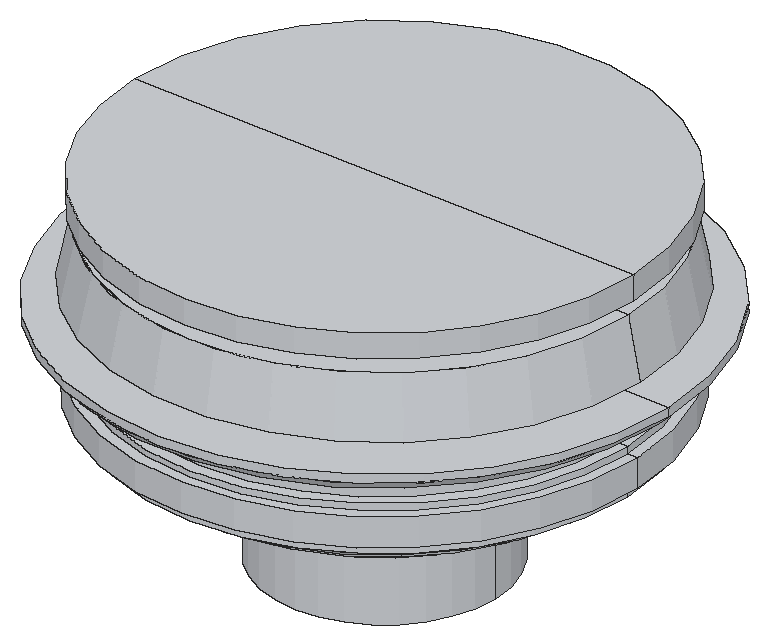
Revit family "Sioux Chief 832 Series No-Hub", category Plumbing Fixtures, Revit 2022
Family settings
  Round Connector Dimension = Use Diameter
  Part Type = Normal
  Work Plane-Based = Yes
  Always vertical = Yes
  Cut with Voids When Loaded = No
  Maintain Annotation Orientation = No
  Shared = No
  Room Calculation Point = No
Parameters (values of type "832-49DNR")
  URL = "www.SiouxChief.com"
  Model = "832 Series"
  Manufacturer = "Sioux Chief Manufacturing Company"
  Description = "No-Hub adjustable on-grade floor drain"
  Default Elevation = 4' - 0"
  6" Visibility = no
  4" Visibility = yes
Types (3): name | 6" Visibility | 4" Visibility
  (no name) | no | yes
  832-49DNR | no | yes
  832-6DNR | yes | no
Reference planes (in)
  plane 1 "Center (Front/Back)": y = 0
  plane 2: z = 0
  plane 3 "Center (Left/Right)": x = 0
  plane 4: z = 0.68811
Forms (in)
  Revolve 1, solid
    sketch origin (93.76388, 0, 11.0542) x (1, 0, 0) y (0, 0, 1)
      loop
        line (-93.76388, -10.36609) -> (-98.26388, -10.36609) -> (-98.26388, -10.78251) -> (-97.67298, -10.78251)
        arc (-97.67298, -10.78251) -> (-97.3714, -10.85428) -> (-97.13447, -11.0542) r 0.66953
        line (-97.13447, -11.0542) -> (-98.17347, -11.0542) -> (-98.38734, -12.06041) -> (-97.53781, -12.06041) -> (-97.39033, -12.29503) -> (-98.89033, -12.29503) -> (-98.89033, -12.4376) -> (-98.71356, -12.61438) -> (-97.94494, -12.61438) -> (-97.94494, -13.18569) -> (-98.14225, -13.18569) -> (-98.14225, -13.29459) -> (-98.32514, -13.29459) -> (-98.32514, -13.79459) -> (-98.14225, -13.79459) -> (-98.14225, -13.99199) -> (-97.94494, -13.99199) -> (-97.94494, -14.10012) -> (-97.88095, -14.16411) -> (-97.58449, -14.16411) -> (-97.50723, -14.40187) -> (-93.76388, -14.40187) -> (-93.76388, -10.36609)
      axis (-93.76388, -14.40187) -> (-93.76388, -10.36609)
    angle from 0 to 360
  Revolve 2, solid, visible <- "6" Visibility"
    sketch origin (93.76388, 0, 11.0542) x (1, 0, 0) y (0, 0, 1)
      loop
        line (-93.76388, -14.40187) -> (-96.8594, -14.40187) -> (-96.76388, -14.56732) -> (-96.76388, -16.53483) -> (-96.51388, -16.53483) -> (-96.51388, -15.03483) -> (-93.76388, -15.03483) -> (-93.76388, -14.40187)
      axis (-93.76388, -14.40187) -> (-93.76388, -16.53483)
    angle from 0 to 360
  Revolve 3, solid, visible <- "6" Visibility"
    sketch origin (93.76388, 0, 11.0542) x (1, 0, 0) y (0, 0, 1)
      loop
        line (-96.8624, -14.40187) -> (-97.44218, -14.40187) -> (-97.44218, -14.92059) -> (-97.3624, -15.00037) -> (-96.8624, -15.00037) -> (-96.8624, -14.40187)
      axis (-93.76388, -14.40187) -> (-93.76388, -15.00037)
    angle from 0 to 360
  Revolve 4, solid, visible <- "4" Visibility"
    sketch origin (93.76388, 0, 11.0542) x (1, 0, 0) y (0, 0, 1)
      loop
        line (-93.76388, -14.40187) -> (-95.99364, -14.40187)
        arc (-95.99364, -14.40187) -> (-95.85368, -14.46838) -> (-95.76388, -14.59466) r 0.30773
        line (-95.76388, -14.59466) -> (-95.76388, -16.47437) -> (-95.63888, -16.47437) -> (-95.63888, -15.03687) -> (-93.76388, -15.03687) -> (-93.76388, -14.40187)
      axis (-93.76388, -14.40187) -> (-93.76388, -16.47437)
    angle from 0 to 360
  Revolve 5, solid, visible <- "4" Visibility"
    sketch origin (93.76388, 0, 11.0542) x (1, 0, 0) y (0, 0, 1)
      loop
        line (-96.03316, -14.40187) -> (-96.61902, -14.40187) -> (-96.61902, -14.904) -> (-96.50797, -14.98176) -> (-96.03316, -14.98176) -> (-96.03316, -14.40187)
      axis (-93.76388, -14.40187) -> (-93.76388, -14.98176)
    angle from 0 to 360
Lines and regions (in)
  model lines
    curve 1: circle (0, 0, 0.68811) r 0.5 normal (0, 0, 1)
    curve 2: circle (0, 0, 0.68811) r 1 normal (0, 0, 1)
    curve 3: circle (0, 0, 0.68811) r 1.5 normal (0, 0, 1)
    curve 4: circle (0, 0, 0.68811) r 2 normal (0, 0, 1)
    curve 5: circle (0, 0, 0.68811) r 2.5 normal (0, 0, 1)
    curve 6: circle (0, 0, 0.68811) r 3 normal (0, 0, 1)
    curve 7: circle (0, 0, 0.68811) r 3.5 normal (0, 0, 1)
    curve 8: circle (0, 0, 0.68811) r 4 normal (0, 0, 1)
    curve 9: line (0, 4.5, 0.68811) -> (0, -4.5, 0.68811)
    curve 10: line (-4.50196, 0, 0.68811) -> (4.5, 0, 0.68811)
    curve 11: line (-1.72208, 4.15746, 0.68811) -> (1.72208, -4.15746, 0.68811)
    curve 12: line (1.72208, 4.15746, 0.68811) -> (-1.72208, -4.15746, 0.68811)
    curve 13: line (-3.18198, 3.18198, 0.68811) -> (3.18198, -3.18198, 0.68811)
    curve 14: line (-3.18198, -3.18198, 0.68811) -> (3.18198, 3.18198, 0.68811)
    curve 15: line (-4.15746, -1.72208, 0.68811) -> (4.15746, 1.72208, 0.68811)
    curve 16: line (-4.15746, 1.72208, 0.68811) -> (4.15746, -1.72208, 0.68811)
Dimensions and locks (in)
  aligned and locked: plane 2 to level
Connectors (in)
  piping at (0, 0, -5.48063), diameter 6
    settings: on Revolve 2, index 2, connector inside diameter 24", connector length 0' - 0", flow factor 0, pipe flow 0 GPM, pressure drop 0.00 psi, fitting loss kfactor 0, connector angle 0.00°, fixture units 0, engagement length 0' - 0", angle of deflection 0.00°, flow configuration 0, flow direction 2, fitting loss method 0, system type 16, joint type 0, gender type 0, connector reference index -1, connector utility 0, adjustable connector no, is connector primary yes, connector description "6\" No-Hub"
  piping at (0, 0, -3.98267), diameter 4
    settings: on Revolve 4, index 3, connector inside diameter 24", connector length 0' - 0", flow factor 0, pipe flow 0 GPM, pressure drop 0.00 psi, fitting loss kfactor 0, connector angle 0.00°, fixture units 0, engagement length 0' - 0", angle of deflection 0.00°, flow configuration 0, flow direction 2, fitting loss method 0, system type 16, joint type 0, gender type 0, connector reference index -1, connector utility 0, adjustable connector no, is connector primary no, connector description "4\" No-Hub"
